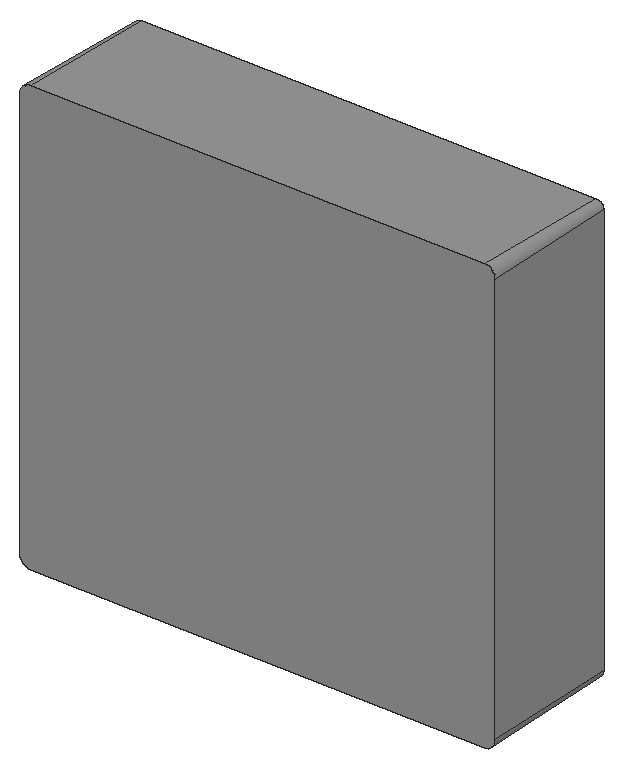
Revit family "L&L_LUCE&LIGHT_PASITO_1.2", category Lighting Fixtures, host Wall, Revit 2018 (continued)
Parameters (values of type "PASITO_1.2 – Asymmetrical 150°x90°")
    29.65 130.58 131.54 \r\n132.55 133.58 134.71 135.72 136.32 136.69 137.19 137.81 \r\n138.39 138.98 140.13 141.78 142.30 139.51 131.53 118.24 \r\n101.34 82.63 64.03 47.27 34.35 25.90 21.42 20.62 20.36 \r\n20.12 20.07 20.05 20.03 20.01 20.00 20.00 20.00 20.00 \r\n19.99 19.99 19.98 19.98 19.98 19.98 20.00 20.02 20.05 \r\n20.08 20.10 20.11 20.11 20.09 20.06 20.03 20.00 19.98 \r\n19.99 19.99 19.93 19.78 19.57 19.35 19.12 18.89 18.64 \r\n18.40 18.16 17.90 17.62 17.32 17.02 16.74 16.45 16.13 \r\n15.78 15.41 15.09 14.74 14.36 14.00 13.65 13.28 12.90 \r\n12.48 12.11 11.74 11.33 10.92 10.51 10.12 9.70 9.23 8.85 \r\n8.45 8.04 7.60 7.17 6.78 6.42 6.05 5.65 5.25 4.90 4.56 \r\n4.19 3.83 3.52 3.21 2.93 2.66 2.40 2.14 1.89 1.66 1.44 \r\n1.20 0.98 0.79 0.60 0.42 0.24 0.10 0.02 \r\n0.14 0.14 0.52 1.33 2.11 2.45 2.62 2.93 3.43 3.93 4.53 \r\n5.22 6.00 6.88 7.85 9.10 17.82 44.20 63.77 68.19 71.80 \r\n75.07 78.01 79.40 79.84 80.08 80.36 81.84 84.73 87.56 \r\n90.60 93.62 96.18 98.48 100.36 101.89 102.94 103.25 \r\n102.93 102.77 103.75 105.00 106.19 107.42 108.50 109.24 \r\n109.96 110.68 111.41 112.23 112.98 113.69 114.54 115.37 \r\n116.14 117.07 118.11 119.10 120.01 120.81 121.39 121.86 \r\n122.38 122.94 123.38 123.66 123.95 124.37 124.95 125.54 \r\n126.01 126.47 127.07 127.04 124.61 117.95 107.08 93.31 \r\n78.16 62.32 46.84 33.54 24.35 21.57 20.69 19.99 20.02 \r\n19.97 19.95 19.95 19.96 19.97 19.98 20.00 20.01 20.03 \r\n20.05 20.06 20.07 20.08 20.10 20.14 20.18 20.22 20.26 \r\n20.29 20.31 20.31 20.29 20.27 20.26 20.25 20.24 20.22 \r\n20.21 20.21 20.22 20.18 20.02 19.81 19.59 19.37 19.13 \r\n18.89 18.62 18.38 18.13 17.84 17.55 17.24 16.93 16.65 \r\n16.32 15.98 15.63 15.23 14.92 14.52 14.14 13.78 13.40 \r\n13.05 12.60 12.20 11.83 11.42 11.01 10.63 10.18 9.74 9.32 \r\n8.89 8.42 8.04 7.62 7.17 6.73 6.33 5.97 5.58 5.18 4.83 \r\n4.50 4.12 3.75 3.43 3.12 2.83 2.56 2.28 2.00 1.75 1.51 \r\n1.26 1.03 0.83 0.63 0.44 0.25 0.10 0.02 \r\n0.14 0.14 0.57 1.42 2.18 2.50 2.67 3.06 3.58 4.12 4.79 \r\n5.53 6.37 7.33 8.54 12.90 35.57 60.16 65.98 69.25 72.06 \r\n74.67 75.83 75.91 75.99 75.83 77.19 80.05 82.80 85.76 \r\n88.56 91.09 93.33 94.79 96.37 97.56 97.71 97.53 97.86 \r\n99.07 100.39 101.54 102.43 103.01 103.52 103.98 104.40 \r\n104.82 105.20 105.38 105.46 105.94 106.69 107.59 108.59 \r\n109.56 110.36 111.11 111.90 112.53 113.08 113.66 114.07 \r\n114.31 114.71 115.28 115.78 116.02 116.18 116.61 116.91 \r\n116.85 116.70 115.25 111.63 102.43 90.03 76.51 62.39 \r\n48.13 34.93 25.11 21.66 20.43 19.83 19.77 19.71 19.73 \r\n19.77 19.80 19.82 19.85 19.88 19.91 19.94 19.97 20.01 \r\n20.04 20.06 20.09 20.13 20.18 20.23 20.27 20.30 20.30 \r\n20.31 20.32 20.33 20.34 20.34 20.35 20.35 20.34 20.32 \r\n20.31 20.31 20.32 20.28 20.11 19.88 19.66 19.45 19.22 \r\n18.98 18.73 18.43 18.17 17.88 17.58 17.31 16.96 16.67 \r\n16.35 15.97 15.65 15.26 14.91 14.52 14.12 13.79 13.37 \r\n13.00 12.59 12.19 11.76 11.37 10.97 10.51 10.12 9.67 9.18 \r\n8.79 8.35 7.89 7.46 7.07 6.64 6.20 5.83 5.45 5.06 4.72 \r\n4.37 3.98 3.61 3.28 2.97 2.68 2.39 2.10 1.82 1.57 1.32 \r\n1.07 0.86 0.66 0.47 0.27 0.11 0.02 \r\n0.14 0.14 0.60 1.50 2.24 2.52 2.72 3.17 3.69 4.28 4.99 \r\n5.79 6.67 7.81 9.60 20.34 52.87 63.70 67.21 69.84 72.30 \r\n73.70 73.55 73.27 72.65 73.14 75.57 77.94 80.48 82.94 \r\n85.22 87.30 88.31 89.82 90.91 90.99 90.61 90.82 92.00 \r\n93.29 94.50 95.50 96.14 96.66 97.22 97.78 98.15 98.48 \r\n98.55 98.38 98.58 99.03 99.65 100.36 101.16 101.92 102.67 \r\n103.41 103.92 104.39 104.69 104.65 104.56 104.89 105.38 \r\n105.93 106.27 106.34 106.50 106.92 106.96 106.93 106.88 \r\n105.34 99.48 89.13 77.25 64.88 51.52 38.69 28.09 21.67 \r\n20.06 19.46 19.40 19.39 19.42 19.46 19.51 19.55 19.60 \r\n19.65 19.69 19.73 19.77 19.81 19.85 19.88 19.92 19.97 \r\n20.03 20.08 20.11 20.13 20.16 20.18 20.21 20.23 20.26 \r\n20.28 20.29 20.30 20.30 20.31 20.30 20.29 20.29 20.29 \r\n20.30 20.24 20.04 19.79 19.58 19.37 19.12 18.90 18.65 \r\n18.35 18.09 17.78 17.45 17.20 16.84 16.54 16.22 15.82 \r\n15.53 15.14 14.73 14.40 13.96 13.62 13.19 12.83 12.38 \r\n11.97 11.60 11.14 10.76 10.33 9.86 9.51 8.99 8.57 8.20 \r\n7.71 7.26 6.91 6.49 6.05 5.66 5.26 4.88 4.55 4.16 3.77 \r\n3.40 3.07 2.76 2.47 2.17 1.87 1.61 1.36 1.10 0.89 0.68 \r\n0.48 0.28 0.11 0.02 \r\n0.14 0.14 0.62 1.55 2.29 2.53 2.76 3.25 3.78 4.42 5.14 \r\n5.99 6.88 8.25 11.26 31.71 58.17 64.40 67.47 69.83 71.89 \r\n72.23 71.64 71.07 70.48 72.04 74.27 76.42 78.56 80.51 \r\n82.21 82.95 83.77 84.89 84.91 84.07 83.83 84.36 85.13 \r\n86.09 86.89 87.36 87.70 88.08 88.54 88.89 89.08 89.04 \r\n88.81 88.85 89.14 89.63 90.26 90.93 91.51 92.15 92.80 \r\n93.28 93.66 93.74 93.54 93.66 94.15 94.49 94.94 95.48 \r\n95.51 95.68 96.04 96.41 96.79 96.86 96.78 94.78 87.72 \r\n77.83 67.43 55.98 44.23 33.02 23.93 20.13 19.36 19.01 \r\n18.99 19.02 19.07 19.12 19.18 19.23 19.29 19.34 19.39 \r\n19.43 19.47 19.52 19.57 19.62 19.68 19.73 19.78 19.81 \r\n19.84 19.88 19.92 19.95 19.99 20.02 20.05 20.07 20.09 \r\n20.11 20.13 20.13 20.13 20.12 20.13 20.13 20.14 20.14 \r\n20.03 19.80 19.55 19.36 19.13 18.86 18.65 18.38 18.07 \r\n17.82 17.49 17.19 16.92 16.55 16.27 15.92 15.54 15.25 \r\n14.80 14.46 14.06 13.66 13.30 12.87 12.52 12.08 11.70 \r\n11.32 10.92 10.48 10.14 9.62 9.31 8.76 8.36 8.00 7.48 \r\n7.05 6.69 6.25 5.83 5.41 5.00 4.65 4.27 3.86 3.49 3.14 \r\n2.82 2.52 2.22 1.91 1.64 1.39 1.12 0.91 0.69 0.50 0.29 \r\n0.11 0.02 \r\n0.14 0.14 0.63 1.58 2.32 2.53 2.78 3.31 3.84 4.50 5.23 \r\n6.13 7.07 8.44 12.63 38.02 58.53 64.11 66.58 68.99 70.59 \r\n70.45 69.85 69.05 69.06 70.89 73.06 75.04 76.95 78.51 \r\n79.35 79.68 80.29 80.73 79.86 78.70 78.38 78.46 78.82 \r\n79.27 79.42 79.32 79.24 79.24 79.31 79.21 79.06 78.60 \r\n78.14 77.99 78.14 78.35 78.66 79.02 79.25 79.56 79.80 \r\n80.06 80.29 80.40 80.58 80.91 81.30 81.64 82.11 82.67 \r\n83.12 83.68 84.13 84.51 84.72 84.68 84.37 82.18 75.36 \r\n66.37 57.43 47.48 37.21 28.33 21.34 19.11 18.57 18.47 \r\n18.49 18.54 18.59 18.65 18.71 18.77 18.83 18.89 18.94 \r\n18.99 19.04 19.10 19.17 19.23 19.30 19.34 19.37 19.41 \r\n19.46 19.51 19.55 19.59 19.63 19.67 19.70 19.73 19.76 \r\n19.78 19.80 19.81 19.82 19.82 19.83 19.83 19.84 19.86 \r\n19.82 19.62 19.38 19.17 18.98 18.73 18.49 18.27 17.99 \r\n17.73 17.47 17.10 16.86 16.53 16.21 15.93 15.52 15.24 \r\n14.88 14.48 14.18 13.75 13.42 13.00 12.66 12.26 11.84 \r\n11.46 11.09 10.66 10.27 9.85 9.39 8.99 8.49 8.10 7.66 \r\n7.16 6.76 6.36 5.93 5.50 5.07 4.69 4.32 3.90 3.53 3.19 \r\n2.86 2.54 2.25 1.93 1.66 1.41 1.14 0.92 0.70 0.51 0.30 \r\n0.11 0.02 \r\n0.14 0.14 0.63 1.59 2.35 2.53 2.79 3.33 3.86 4.53 5.26 \r\n6.18 7.15 8.47 12.07 39.14 57.94 62.84 64.97 67.41 68.81 \r\n68.58 67.98 67.22 67.37 69.32 71.35 73.28 74.96 76.46 \r\n77.22 77.40 77.87 77.74 76.50 75.24 74.75 74.53 74.60 \r\n74.75 74.46 73.94 73.47 73.08 72.60 72.01 71.31 70.35 \r\n69.48 68.88 68.53 68.32 68.15 67.94 67.76 67.62 67.47 \r\n67.40 67.25 67.14 67.19 67.32 67.52 67.80 68.09 68.43 \r\n68.83 69.30 69.82 70.39 71.01 71.37 71.54 69.92 64.00 \r\n56.80 49.29 41.06 32.70 25.91 20.44 18.64 18.23 18.15 \r\n18.18 18.22 18.27 18.32 18.38 18.45 18.51 18.59 18.66 \r\n18.72 18.79 18.86 18.94 19.01 19.08 19.12 19.15 19.20 \r\n19.26 19.31 19.36 19.41 19.46 19.51 19.55 19.59 19.63 \r\n19.67 19.69 19.72 19.73 19.73 19.75 19.76 19.77 19.80 \r\n19.79 19.66 19.42 19.20 19.02 18.78 18.52 18.32 18.06 \r\n17.78 17.54 17.20 16.93 16.66 16.29 16.04 15.67 15.32 \r\n15.04 14.60 14.28 13.88 13.51 13.14 12.73 12.38 11.91 \r\n11.57 11.13 10.76 10.31 9.91 9.46 8.99 8.57 8.10 7.68 \r\n7.21 6.77 6.37 5.96 5.54 5.10 4.70 4.33 3.91 3.54 3.21 \r\n2.87 2.55 2.27 1.95 1.67 1.42 1.14 0.93 0.70 0.51 0.30 \r\n0.12 0.02 \r\n0.14 0.13 0.62 1.58 2.35 2.53 2.78 3.32 3.84 4.51 5.23 \r\n6.17 7.10 8.41 10.37 35.75 56.44 60.94 62.89 65.33 66.85 \r\n66.79 66.16 65.49 65.33 67.22 69.19 71.08 72.51 74.14 \r\n75.03 75.04 75.59 75.72 74.73 73.34 72.86 72.52 72.37 \r\n72.53 72.15 71.47 70.92 70.58 70.03 69.29 68.37 67.39 \r\n66.39 65.70 65.00 64.60 64.30 63.93 63.47 63.22 62.93 \r\n62.68 62.34 62.01 61.94 61.93 61.89 61.96 62.21 62.62 \r\n63.05 63.65 64.14 64.42 64.94 65.63 65.98 65.71 60.56 \r\n53.84 47.78 40.55 34.00 26.90 21.57 19.01 18.44 18.31 \r\n18.32 18.37 18.42 18.47 18.53 18.60 18.54 18.77 18.83 \r\n18.89 18.95 19.01 19.09 19.17 19.22 19.25 19.28 19.34 \r\n19.39 19.45 19.50 19.55 19.60 19.65 19.69 19.73 19.77 \r\n19.81 19.83 19.86 19.87 19.87 19.89 19.90 19.92 19.94 \r\n19.94 19.75 19.53 19.30 19.12 18.84 18.63 18.42 18.09 \r\n17.87 17.62 17.23 17.01 16.68 16.34 16.08 15.64 15.37 \r\n15.04 14.59 14.34 13.85 13.55 13.11 12.75 12.34 11.90 \r\n11.59 11.14 10.74 10.33 9.86 9.49 8.94 8.58 8.10 7.66 \r\n7.22 6.78 6.35 5.96 5.55 5.10 4.70 4.33 3.90 3.53 3.21 \r\n2.88 2.55 2.27 1.95 1.67 1.42 1.14 0.93 0.71 0.51 0.30 \r\n0.12 0.02 \r\n0.14 0.14 0.63 1.59 2.35 2.53 2.79 3.33 3.86 4.53 5.26 \r\n6.18 7.15 8.47 12.07 39.14 57.94 62.84 64.97 67.41 68.81 \r\n68.58 67.98 67.22 67.37 69.32 71.35 73.28 74.96 76.46 \r\n77.22 77.40 77.87 77.74 76.50 75.24 74.75 74.53 74.60 \r\n74.75 74.46 73.94 73.47 73.08 72.60 72.01 71.31 70.35 \r\n69.48 68.88 68.53 68.32 68.15 67.94 67.76 67.62 67.47 \r\n67.40 67.25 67.14 67.19 67.32 67.52 67.80 68.09 68.43 \r\n68.83 69.30 69.82 70.39 71.01 71.37 71.54 69.92 64.00 \r\n56.80 49.29 41.06 32.70 25.91 20.44 18.64 18.23 18.15 \r\n18.18 18.22 18.27 18.32 18.38 18.45 18.51 18.59 18.66 \r\n18.72 18.79 18.86 18.94 19.01 19.08 19.12 19.15 19.20 \r\n19.26 19.31 19.36 19.41 19.46 19.51 19.55 19.59 19.63 \r\n19.67 19.69 19.72 19.73 19.73 19.75 19.76 19.77 19.80 \r\n19.79 19.66 19.42 19.20 19.02 18.78 18.52 18.32 18.06 \r\n17.78 17.54 17.20 16.93 16.66 16.29 16.04 15.67 15.32 \r\n15.04 14.60 14.28 13.88 13.51 13.14 12.73 12.38 11.91 \r\n11.57 11.13 10.76 10.31 9.91 9.46 8.99 8.57 8.10 7.68 \r\n7.21 6.77 6.37 5.96 5.54 5.10 4.70 4.33 3.91 3.54 3.21 \r\n2.87 2.55 2.27 1.95 1.67 1.42 1.14 0.93 0.70 0.51 0.30 \r\n0.12 0.02 \r\n0.14 0.14 0.63 1.58 2.32 2.53 2.78 3.31 3.84 4.50 5.23 \r\n6.13 7.07 8.44 12.63 38.02 58.53 64.11 66.58 68.99 70.59 \r\n70.45 69.85 69.05 69.06 70.89 73.06 75.04 76.95 78.51 \r\n79.35 79.68 80.29 80.73 79.86 78.70 78.38 78.46 78.82 \r\n79.27 79.42 79.32 79.24 79.24 79.31 79.21 79.06 78.60 \r\n78.14 77.99 78.14 78.35 78.66 79.02 79.25 79.56 79.80 \r\n80.06 80.29 80.40 80.58 80.91 81.30 81.64 82.11 82.67 \r\n83.12 83.68 84.13 84.51 84.72 84.68 84.37 82.18 75.36 \r\n66.37 57.43 47.48 37.21 28.33 21.34 19.11 18.57 18.47 \r\n18.49 18.54 18.59 18.65 18.71 18.77 18.83 18.89 18.94 \r\n18.99 19.04 19.10 19.17 19.23 19.30 19.34 19.37 19.41 \r\n19.46 19.51 19.55 19.59 19.63 19.67 19.70 19.73 19.76 \r\n19.78 19.80 19.81 19.82 19.82 19.83 19.83 19.84 19.86 \r\n19.82 19.62 19.38 19.17 18.98 18.73 18.49 18.27 17.99 \r\n17.73 17.47 17.10 16.86 16.53 16.21 15.93 15.52 15.24 \r\n14.88 14.48 14.18 13.75 13.42 13.00 12.66 12.26 11.84 \r\n11.46 11.09 10.66 10.27 9.85 9.39 8.99 8.49 8.10 7.66 \r\n7.16 6.76 6.36 5.93 5.50 5.07 4.69 4.32 3.90 3.53 3.19 \r\n2.86 2.54 2.25 1.93 1.66 1.41 1.14 0.92 0.70 0.51 0.30 \r\n0.11 0.02 \r\n0.14 0.14 0.62 1.55 2.29 2.53 2.76 3.25 3.78 4.42 5.14 \r\n5.99 6.88 8.25 11.26 31.71 58.17 64.40 67.47 69.83 71.89 \r\n72.23 71.64 71.07 70.48 72.04 74.27 76.42 78.56 80.51 \r\n82.21 82.95 83.77 84.89 84.91 84.07 83.83 84.36 85.13 \r\n86.09 86.89 87.36 87.70 88.08 88.54 88.89 89.08 89.04 \r\n88.81 88.85 89.14 89.63 90.26 90.93 91.51 92.15 92.80 \r\n93.28 93.66 93.74 93.54 93.66 94.15 94.49 94.94 95.48 \r\n95.51 95.68 96.04 96.41 96.79 96.86 96.78 94.78 87.72 \r\n77.83 67.43 55.98 44.23 33.02 23.93 20.13 19.36 19.01 \r\n18.99 19.02 19.07 19.12 19.18 19.23 19.29 19.34 19.39 \r\n19.43 19.47 19.52 19.57 19.62 19.68 19.73 19.78 19.81 \r\n19.84 19.88 19.92 19.95 19.99 20.02 20.05 20.07 20.09 \r\n20.11 20.13 20.13 20.13 20.12 20.13 20.13 20.14 20.14 \r\n20.03 19.80 19.55 19.36 19.13 18.86 18.65 18.38 18.07 \r\n17.82 17.49 17.19 16.92 16.55 16.27 15.92 15.54 15.25 \r\n14.80 14.46 14.06 13.66 13.30 12.87 12.52 12.08 11.70 \r\n11.32 10.92 10.48 10.14 9.62 9.31 8.76 8.36 8.00 7.48 \r\n7.05 6.69 6.25 5.83 5.41 5.00 4.65 4.27 3.86 3.49 3.14 \r\n2.82 2.52 2.22 1.91 1.64 1.39 1.12 0.91 0.69 0.50 0.29 \r\n0.11 0.02 \r\n0.14 0.14 0.60 1.50 2.24 2.52 2.72 3.17 3.69 4.28 4.99 \r\n5.79 6.67 7.81 9.60 20.34 52.87 63.70 67.21 69.84 72.30 \r\n73.70 73.55 73.27 72.65 73.14 75.57 77.94 80.48 82.94 \r\n85.22 87.30 88.31 89.82 90.91 90.99 90.61 90.82 92.00 \r\n93.29 94.50 95.50 96.14 96.66 97.22 97.78 98.15 98.48 \r\n98.55 98.38 98.58 99.03 99.65 100.36 101.16 101.92 102.67 \r\n103.41 103.92 104.39 104.69 104.65 104.56 104.89 105.38 \r\n105.93 106.27 106.34 106.50 106.92 106.96 106.93 106.88 \r\n105.34 99.48 89.13 77.25 64.88 51.52 38.69 28.09 21.67 \r\n20.06 19.46 19.40 19.39 19.42 19.46 19.51 19.55 19.60 \r\n19.65 19.69 19.73 19.77 19.81 19.85 19.88 19.92 19.97 \r\n20.03 20.08 20.11 20.13 20.16 20.18 20.21 20.23 20.26 \r\n20.28 20.29 20.30 20.30 20.31 20.30 20.29 20.29 20.29 \r\n20.30 20.24 20.04 19.79 19.58 19.37 19.12 18.90 18.65 \r\n18.35 18.09 17.78 17.45 17.20 16.84 16.54 16.22 15.82 \r\n15.53 15.14 14.73 14.40 13.96 13.62 13.19 12.83 12.38 \r\n11.97 11.60 11.14 10.76 10.33 9.86 9.51 8.99 8.57 8.20 \r\n7.71 7.26 6.91 6.49 6.05 5.66 5.26 4.88 4.55 4.16 3.77 \r\n3.40 3.07 2.76 2.47 2.17 1.87 1.61 1.36 1.10 0.89 0.68 \r\n0.48 0.28 0.11 0.02 \r\n0.14 0.14 0.57 1.42 2.18 2.50 2.67 3.06 3.58 4.12 4.79 \r\n5.53 6.37 7.33 8.54 12.90 35.57 60.16 65.98 69.25 72.06 \r\n74.67 75.83 75.91 75.99 75.83 77.19 80.05 82.80 85.76 \r\n88.56 91.09 93.33 94.79 96.37 97.56 97.71 97.53 97.86 \r\n99.07 100.39 101.54 102.43 103.01 103.52 103.98 104.40 \r\n104.82 105.20 105.38 105.46 105.94 106.69 107.59 108.59 \r\n109.56 110.36 111.11 111.90 112.53 113.08 113.66 114.07 \r\n114.31 114.71 115.28 115.78 116.02 116.18 116.61 116.91 \r\n116.85 116.70 115.25 111.63 102.43 90.03 76.51 62.39 \r\n48.13 34.93 25.11 21.66 20.43 19.83 19.77 19.71 19.73 \r\n19.77 19.80 19.82 19.85 19.88 19.91 19.94 19.97 20.01 \r\n20.04 20.06 20.09 20.13 20.18 20.23 20.27 20.30 20.30 \r\n20.31 20.32 20.33 20.34 20.34 20.35 20.35 20.34 20.32 \r\n20.31 20.31 20.32 20.28 20.11 19.88 19.66 19.45 19.22 \r\n18.98 18.73 18.43 18.17 17.88 17.58 17.31 16.96 16.67 \r\n16.35 15.97 15.65 15.26 14.91 14.52 14.12 13.79 13.37 \r\n13.00 12.59 12.19 11.76 11.37 10.97 10.51 10.12 9.67 9.18 \r\n8.79 8.35 7.89 7.46 7.07 6.64 6.20 5.83 5.45 5.06 4.72 \r\n4.37 3.98 3.61 3.28 2.97 2.68 2.39 2.10 1.82 1.57 1.32 \r\n1.07 0.86 0.66 0.47 0.27 0.11 0.02 \r\n0.14 0.14 0.52 1.33 2.11 2.45 2.62 2.93 3.43 3.93 4.53 \r\n5.22 6.00 6.88 7.85 9.10 17.82 44.20 63.77 68.19 71.80 \r\n75.07 78.01 79.40 79.84 80.08 80.36 81.84 84.73 87.56 \r\n90.60 93.62 96.18 98.48 100.36 101.89 102.94 103.25 \r\n102.93 102.77 103.75 105.00 106.19 107.42 108.50 109.24 \r\n109.96 110.68 111.41 112.23 112.98 113.69 114.54 115.37 \r\n116.14 117.07 118.11 119.10 120.01 120.81 121.39 121.86 \r\n122.38 122.94 123.38 123.66 123.95 124.37 124.95 125.54 \r\n126.01 126.47 127.07 127.04 124.61 117.95 107.08 93.31 \r\n78.16 62.32 46.84 33.54 24.35 21.57 20.69 19.99 20.02 \r\n19.97 19.95 19.95 19.96 19.97 19.98 20.00 20.01 20.03 \r\n20.05 20.06 20.07 20.08 20.10 20.14 20.18 20.22 20.26 \r\n20.29 20.31 20.31 20.29 20.27 20.26 20.25 20.24 20.22 \r\n20.21 20.21 20.22 20.18 20.02 19.81 19.59 19.37 19.13 \r\n18.89 18.62 18.38 18.13 17.84 17.55 17.24 16.93 16.65 \r\n16.32 15.98 15.63 15.23 14.92 14.52 14.14 13.78 13.40 \r\n13.05 12.60 12.20 11.83 11.42 11.01 10.63 10.18 9.74 9.32 \r\n8.89 8.42 8.04 7.62 7.17 6.73 6.33 5.97 5.58 5.18 4.83 \r\n4.50 4.12 3.75 3.43 3.12 2.83 2.56 2.28 2.00 1.75 1.51 \r\n1.26 1.03 0.83 0.63 0.44 0.25 0.10 0.02 \r\n0.14 0.14 0.47 1.22 1.99 2.41 2.57 2.82 3.24 3.73 4.25 \r\n4.87 5.58 6.37 7.29 8.23 9.87 21.21 47.44 66.29 71.26 \r\n75.44 78.91 81.97 83.73 84.14 84.41 84.55 85.59 88.07 \r\n91.04 93.62 96.68 99.50 101.74 103.70 105.10 106.26 \r\n107.11 107.44 107.40 108.27 110.03 111.68 113.35 115.11 \r\n116.41 117.16 118.12 119.49 120.94 122.13 122.89 123.44 \r\n123.95 124.62 125.61 127.01 128.50 129.65 130.58 131.54 \r\n132.55 133.58 134.71 135.72 136.32 136.69 137.19 137.81 \r\n138.39 138.98 140.13 141.78 142.30 139.51 131.53 118.24 \r\n101.34 82.63 64.03 47.27 34.35 25.90 21.42 20.62 20.36 \r\n20.12 20.07 20.05 20.03 20.01 20.00 20.00 20.00 20.00 \r\n19.99 19.99 19.98 19.98 19.98 19.98 20.00 20.02 20.05 \r\n20.08 20.10 20.11 20.11 20.09 20.06 20.03 20.00 19.98 \r\n19.99 19.99 19.93 19.78 19.57 19.35 19.12 18.89 18.64 \r\n18.40 18.16 17.90 17.62 17.32 17.02 16.74 16.45 16.13 \r\n15.78 15.41 15.09 14.74 14.36 14.00 13.65 13.28 12.90 \r\n12.48 12.11 11.74 11.33 10.92 10.51 10.12 9.70 9.23 8.85 \r\n8.45 8.04 7.60 7.17 6.78 6.42 6.05 5.65
